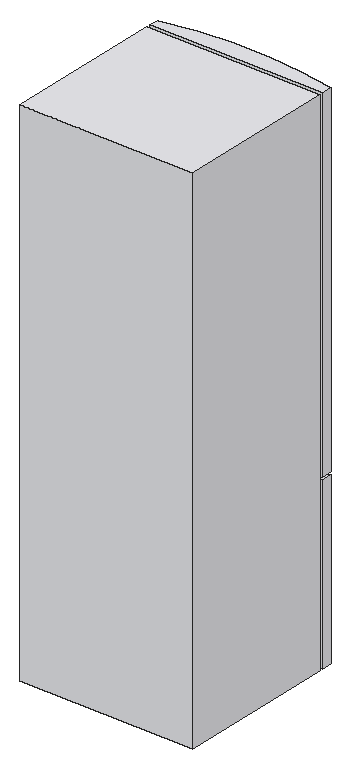
Revit family "Холодильник бытовой средний двухкамерный", category Обобщенные модели, Revit 2012 (continued)
Forms (mm)
  Sweep 63, solid, material "Хром" <- "Ручки", visible <- "Ручки слева", not visible
    profile origin (11.184, -616.006, -125) x (0, 1, 0) y (0, 0, 1)
      loop
        line (2.149, 825) -> (2.149, 835)
        arc (2.149, 835) -> (0.149, 837) -> (-1.851, 835) r 2
        line (-1.851, 835) -> (-1.851, 825)
  Sweep 64, solid, material "Хром" <- "Ручки", visible <- "Ручки слева", not visible
    path origin (300, 0, 65) x (1, 0, 0) y (0, 0, 1)
      loop
        arc (-282.495, 640) -> (-277.545, 642.05) -> (-275.495, 647) r 7
        line (-275.495, 647) -> (-275.495, 813)
        arc (-275.495, 813) -> (-277.545, 817.95) -> (-282.495, 820) r 7
    profile origin (24.505, 0, 795) x (-1, 0, 0) y (0, -1, 0)
      loop
        arc (4.922, 613.857) -> (6.922, 615.857) -> (4.922, 617.857) r 2
        line (4.922, 617.857) -> (-5.078, 617.857)
        arc (-5.078, 617.857) -> (-7.078, 615.857) -> (-5.078, 613.857) r 2
        line (-5.078, 613.857) -> (4.922, 613.857)
  Extrusion 65, solid, material "Хром" <- "Ручки", visible <- "Ручки слева", not visible
    sketch origin (300, 0, -255) x (1, 0, 0) y (0, 0, 1)
      loop
        line (-300, 635) -> (-300, 645)
        arc (-300, 645) -> (-302, 647) -> (-304, 645) r 2
        line (-304, 645) -> (-304, 635)
        arc (-304, 635) -> (-302, 633) -> (-300, 635) r 2
      loop
        line (-300, 815) -> (-300, 825)
        arc (-300, 825) -> (-302, 827) -> (-304, 825) r 2
        line (-304, 825) -> (-304, 815)
        arc (-304, 815) -> (-302, 813) -> (-300, 815) r 2
    from 560 to 608.948
  Sweep 66, solid, material "Хром" <- "Ручки", visible <- "Ручки слева", not visible
    path origin (299.863, -0.078, -315) x (1, 0, 0) y (0, 1, 0)
      loop
        arc (-302, -608.855) -> (-299.976, -613.852) -> (-295, -615.928) r 7
        line (-295, -615.928) -> (-282.358, -615.928)
    profile origin (11.184, -616.006, -315) x (0, 1, 0) y (0, 0, 1)
      loop
        arc (-1.851, 875) -> (0.149, 873) -> (2.149, 875) r 2
        line (2.149, 875) -> (2.149, 885)
        arc (2.149, 885) -> (0.149, 887) -> (-1.851, 885) r 2
        line (-1.851, 885) -> (-1.851, 875)
  Sweep 67, solid, material "Хром" <- "Ручки", visible <- "Ручки слева", not visible
    path origin (299.863, -0.078, -445) x (1, 0, 0) y (0, 1, 0)
      loop
        arc (-302, -608.855) -> (-299.976, -613.852) -> (-295, -615.928) r 7
        line (-295, -615.928) -> (-282.358, -615.928)
    profile origin (11.184, -616.006, -445) x (0, 1, 0) y (0, 0, 1)
      loop
        arc (-1.851, 825) -> (0.149, 823) -> (2.149, 825) r 2
        line (2.149, 825) -> (2.149, 835)
        arc (2.149, 835) -> (0.149, 837) -> (-1.851, 835) r 2
        line (-1.851, 835) -> (-1.851, 825)
  Sweep 68, solid, material "Хром" <- "Ручки", visible <- "Ручки слева", not visible
    path origin (300, 0, -255) x (1, 0, 0) y (0, 0, 1)
      loop
        arc (-282.495, 640) -> (-277.545, 642.05) -> (-275.495, 647) r 7
        line (-275.495, 647) -> (-275.495, 813)
        arc (-275.495, 813) -> (-277.545, 817.95) -> (-282.495, 820) r 7
    profile origin (24.505, 0, 475) x (-1, 0, 0) y (0, -1, 0)
      loop
        arc (4.922, 613.857) -> (6.922, 615.857) -> (4.922, 617.857) r 2
        line (4.922, 617.857) -> (-5.078, 617.857)
        arc (-5.078, 617.857) -> (-7.078, 615.857) -> (-5.078, 613.857) r 2
        line (-5.078, 613.857) -> (4.922, 613.857)
  Extrusion 69, void
    sketch origin (-300, 0, 2.812) x (-1, 0, 0) y (0, -1, 0)
      loop
        line (-285, -550) -> (-285, -577.742) -> (285, -577.742) -> (285, -550) -> (-285, -550)
    from 0 to 80
Cuts and joins
  Extrusion 19, Extrusion 20, Extrusion 51, Extrusion 69 cuts Extrusion 18
  Extrusion 51, Extrusion 69 cuts Extrusion 17
Lines and regions (mm)
  model lines, not visible
    curve 1: line (300, -600, -10) -> (300, 0, -10)
    curve 2: line (300, -560, -10) -> (-300, -560, -10)
    curve 3: line (600, -603.865, -10) -> (600, -3.865, -10)
    curve 4: line (600, -563.865, -10) -> (0, -563.865, -10)
Dimensions and locks
  "Высота": Extrusion 17 to plane 2
  locked: cut or joined group of Extrusion 18, Extrusion 19, Extrusion 20, Extrusion 51, Extrusion 69 to Extrusion 51 sketch curve at 10
  "Высота морозилки": plane 4 to plane 2
  aligned and locked: Extrusion 17 to cut or joined group of Extrusion 18, Extrusion 19, Extrusion 20, Extrusion 51, Extrusion 69
  aligned and locked: cut or joined group of Extrusion 18, Extrusion 19, Extrusion 20, Extrusion 51, Extrusion 69 to Extrusion 51 sketch curve
  aligned and locked: Extrusion 51 sketch curve to cut or joined group of Extrusion 18, Extrusion 19, Extrusion 20, Extrusion 51, Extrusion 69
  aligned and locked: Extrusion 51 sketch curve to Extrusion 17
  aligned and locked: cut or joined group of Extrusion 18, Extrusion 19, Extrusion 20, Extrusion 51, Extrusion 69 to cut or joined group of Extrusion 18, Extrusion 19, Extrusion 20, Extrusion 51, Extrusion 69
  aligned and locked: Extrusion 18 to Extrusion 19
  aligned and locked: Extrusion 69 sketch curve to cut or joined group of Extrusion 18, Extrusion 19, Extrusion 20, Extrusion 51, Extrusion 69  (x2)
  aligned and locked: cut or joined group of Extrusion 17, Extrusion 51, Extrusion 69 to Extrusion 69 sketch curve
Automatic sketch dimensions
  Extrusion 20 sketch curve to Extrusion 20 sketch curve = 10 mm
  Extrusion 22 sketch curve to Extrusion 22 sketch curve = 0 mm
  Extrusion 22 sketch curve to Extrusion 22 sketch curve = 2 mm  (x2)
  Extrusion 22 sketch curve to Extrusion 22 sketch curve = 10 mm  (x2)
  Extrusion 22 sketch curve to Extrusion 22 sketch curve = 170 mm
  Sweep 23 sketch curve to Sweep 23 sketch curve = 7 mm
  Sweep 23 sketch curve to Sweep 23 sketch curve = 12.642 mm
  Sweep 23 sketch curve to Sweep 23 sketch curve = 0.074 mm
  profile plane to Sweep 23 sketch curve = 2.149 mm
  profile plane to Sweep 23 sketch curve = 0.149 mm
  profile plane to Sweep 23 sketch curve = 890 mm
  Sweep 23 sketch curve to Sweep 23 sketch curve = 10 mm
  Sweep 24 sketch curve to Sweep 24 sketch curve = 7 mm
  Sweep 24 sketch curve to Sweep 24 sketch curve = 12.642 mm
  Sweep 24 sketch curve to Sweep 24 sketch curve = 0.074 mm
  profile plane to Sweep 24 sketch curve = 2.149 mm
  profile plane to Sweep 24 sketch curve = 0.149 mm
  profile plane to Sweep 24 sketch curve = 825 mm
  Sweep 24 sketch curve to Sweep 24 sketch curve = 10 mm
  Sweep 25 sketch curve to Sweep 25 sketch curve = 0 mm
  Sweep 25 sketch curve to Sweep 25 sketch curve = 7 mm
  Sweep 25 sketch curve to Sweep 25 sketch curve = 166 mm
  profile plane to Sweep 25 sketch curve = 4.922 mm
  Sweep 25 sketch curve to profile plane = 5.078 mm
  profile plane to Sweep 25 sketch curve = 613.857 mm
  Sweep 25 sketch curve to Sweep 25 sketch curve = 2 mm
  Extrusion 26 sketch curve to Extrusion 26 sketch curve = 0 mm
  Extrusion 26 sketch curve to Extrusion 26 sketch curve = 2 mm  (x2)
  Extrusion 26 sketch curve to Extrusion 26 sketch curve = 10 mm  (x2)
  Extrusion 26 sketch curve to Extrusion 26 sketch curve = 170 mm
  Sweep 27 sketch curve to Sweep 27 sketch curve = 7 mm
  Sweep 27 sketch curve to Sweep 27 sketch curve = 12.642 mm
  Sweep 27 sketch curve to Sweep 27 sketch curve = 0.074 mm
  profile plane to Sweep 27 sketch curve = 2.149 mm
  profile plane to Sweep 27 sketch curve = 0.149 mm
  profile plane to Sweep 27 sketch curve = 875 mm
  Sweep 27 sketch curve to Sweep 27 sketch curve = 10 mm
  Sweep 28 sketch curve to Sweep 28 sketch curve = 7 mm
  Sweep 28 sketch curve to Sweep 28 sketch curve = 12.642 mm
  Sweep 28 sketch curve to Sweep 28 sketch curve = 0.074 mm
  profile plane to Sweep 28 sketch curve = 2.149 mm
  profile plane to Sweep 28 sketch curve = 0.149 mm
  profile plane to Sweep 28 sketch curve = 825 mm
  Sweep 28 sketch curve to Sweep 28 sketch curve = 10 mm
  Sweep 29 sketch curve to Sweep 29 sketch curve = 0 mm
  Sweep 29 sketch curve to Sweep 29 sketch curve = 7 mm
  Sweep 29 sketch curve to Sweep 29 sketch curve = 166 mm
  profile plane to Sweep 29 sketch curve = 4.922 mm
  Sweep 29 sketch curve to profile plane = 5.078 mm
  profile plane to Sweep 29 sketch curve = 613.857 mm
  Sweep 29 sketch curve to Sweep 29 sketch curve = 2 mm
  Extrusion 43 sketch curve to Extrusion 43 sketch curve = 2 mm  (x2)
  Extrusion 43 sketch curve to Extrusion 43 sketch curve = 10 mm  (x2)
  Extrusion 43 sketch curve to Extrusion 43 sketch curve = 170 mm
  Sweep 44 sketch curve to Sweep 44 sketch curve = 12.642 mm
  Sweep 44 sketch curve to Sweep 44 sketch curve = 7 mm  (x2)
  profile plane to Sweep 44 sketch curve = 1.851 mm
  Sweep 44 sketch curve to profile plane = 0.149 mm
  profile plane to Sweep 44 sketch curve = 890 mm
  Sweep 44 sketch curve to Sweep 44 sketch curve = 10 mm
  Sweep 45 sketch curve to Sweep 45 sketch curve = 12.642 mm
  Sweep 45 sketch curve to Sweep 45 sketch curve = 7 mm  (x2)
  profile plane to Sweep 45 sketch curve = 1.851 mm
  Sweep 45 sketch curve to profile plane = 0.149 mm
  profile plane to Sweep 45 sketch curve = 825 mm
  Sweep 45 sketch curve to Sweep 45 sketch curve = 10 mm
  Sweep 46 sketch curve to Sweep 46 sketch curve = 7 mm
  Sweep 46 sketch curve to Sweep 46 sketch curve = 166 mm
  profile plane to Sweep 46 sketch curve = 5.078 mm
  Sweep 46 sketch curve to profile plane = 4.922 mm
  profile plane to Sweep 46 sketch curve = 613.857 mm
  Sweep 46 sketch curve to Sweep 46 sketch curve = 2 mm
  Extrusion 47 sketch curve to Extrusion 47 sketch curve = 2 mm  (x2)
  Extrusion 47 sketch curve to Extrusion 47 sketch curve = 10 mm  (x2)
  Extrusion 47 sketch curve to Extrusion 47 sketch curve = 170 mm
  Sweep 48 sketch curve to Sweep 48 sketch curve = 12.642 mm
  Sweep 48 sketch curve to Sweep 48 sketch curve = 7 mm  (x2)
  profile plane to Sweep 48 sketch curve = 1.851 mm
  Sweep 48 sketch curve to profile plane = 0.149 mm
  profile plane to Sweep 48 sketch curve = 875 mm
  Sweep 48 sketch curve to Sweep 48 sketch curve = 10 mm
  Sweep 49 sketch curve to Sweep 49 sketch curve = 12.642 mm
  Sweep 49 sketch curve to Sweep 49 sketch curve = 7 mm  (x2)
  profile plane to Sweep 49 sketch curve = 1.851 mm
  Sweep 49 sketch curve to profile plane = 0.149 mm
  profile plane to Sweep 49 sketch curve = 825 mm
  Sweep 49 sketch curve to Sweep 49 sketch curve = 10 mm
  Sweep 50 sketch curve to Sweep 50 sketch curve = 7 mm
  Sweep 50 sketch curve to Sweep 50 sketch curve = 166 mm
  profile plane to Sweep 50 sketch curve = 5.078 mm
  Sweep 50 sketch curve to profile plane = 4.922 mm
  profile plane to Sweep 50 sketch curve = 613.857 mm
  Sweep 50 sketch curve to Sweep 50 sketch curve = 2 mm
  Extrusion 20 sketch curve to Extrusion 20 sketch curve = 600 mm
  Extrusion 43 sketch curve to Extrusion 43 sketch curve = 0 mm
  Sweep 46 sketch curve to Sweep 46 sketch curve = 0 mm
  Extrusion 47 sketch curve to Extrusion 47 sketch curve = 0 mm
  Sweep 50 sketch curve to Sweep 50 sketch curve = 0 mm
  Extrusion 52 sketch curve to Extrusion 52 sketch curve = 10 mm
  Extrusion 53 sketch curve to Extrusion 53 sketch curve = 0 mm
  Extrusion 53 sketch curve to Extrusion 53 sketch curve = 2 mm  (x2)
  Extrusion 53 sketch curve to Extrusion 53 sketch curve = 10 mm  (x2)
  Extrusion 53 sketch curve to Extrusion 53 sketch curve = 170 mm
  Sweep 54 sketch curve to Sweep 54 sketch curve = 7 mm
  Sweep 54 sketch curve to Sweep 54 sketch curve = 12.642 mm
  Sweep 54 sketch curve to Sweep 54 sketch curve = 0.074 mm
  profile plane to Sweep 54 sketch curve = 2.149 mm
  profile plane to Sweep 54 sketch curve = 0.149 mm
  profile plane to Sweep 54 sketch curve = 890 mm
  Sweep 54 sketch curve to Sweep 54 sketch curve = 10 mm
  Sweep 55 sketch curve to Sweep 55 sketch curve = 7 mm
  Sweep 55 sketch curve to Sweep 55 sketch curve = 12.642 mm
  Sweep 55 sketch curve to Sweep 55 sketch curve = 0.074 mm
  profile plane to Sweep 55 sketch curve = 2.149 mm
  profile plane to Sweep 55 sketch curve = 0.149 mm
  profile plane to Sweep 55 sketch curve = 825 mm
  Sweep 55 sketch curve to Sweep 55 sketch curve = 10 mm
  Sweep 56 sketch curve to Sweep 56 sketch curve = 0 mm
  Sweep 56 sketch curve to Sweep 56 sketch curve = 7 mm
  Sweep 56 sketch curve to Sweep 56 sketch curve = 166 mm
  profile plane to Sweep 56 sketch curve = 4.922 mm
  Sweep 56 sketch curve to profile plane = 5.078 mm
  profile plane to Sweep 56 sketch curve = 613.857 mm
  Sweep 56 sketch curve to Sweep 56 sketch curve = 2 mm
  Extrusion 57 sketch curve to Extrusion 57 sketch curve = 0 mm
  Extrusion 57 sketch curve to Extrusion 57 sketch curve = 2 mm  (x2)
  Extrusion 57 sketch curve to Extrusion 57 sketch curve = 10 mm  (x2)
  Extrusion 57 sketch curve to Extrusion 57 sketch curve = 170 mm
  Sweep 58 sketch curve to Sweep 58 sketch curve = 7 mm
  Sweep 58 sketch curve to Sweep 58 sketch curve = 12.642 mm
  Sweep 58 sketch curve to Sweep 58 sketch curve = 0.074 mm
  profile plane to Sweep 58 sketch curve = 2.149 mm
  profile plane to Sweep 58 sketch curve = 0.149 mm
  profile plane to Sweep 58 sketch curve = 875 mm
  Sweep 58 sketch curve to Sweep 58 sketch curve = 10 mm
  Sweep 59 sketch curve to Sweep 59 sketch curve = 7 mm
  Sweep 59 sketch curve to Sweep 59 sketch curve = 12.642 mm
  Sweep 59 sketch curve to Sweep 59 sketch curve = 0.074 mm
  profile plane to Sweep 59 sketch curve = 2.149 mm
  profile plane to Sweep 59 sketch curve = 0.149 mm
  profile plane to Sweep 59 sketch curve = 825 mm
  Sweep 59 sketch curve to Sweep 59 sketch curve = 10 mm
  Sweep 60 sketch curve to Sweep 60 sketch curve = 0 mm
  Sweep 60 sketch curve to Sweep 60 sketch curve = 7 mm
  Sweep 60 sketch curve to Sweep 60 sketch curve = 166 mm
  profile plane to Sweep 60 sketch curve = 4.922 mm
  Sweep 60 sketch curve to profile plane = 5.078 mm
  profile plane to Sweep 60 sketch curve = 613.857 mm
  Sweep 60 sketch curve to Sweep 60 sketch curve = 2 mm
  Extrusion 61 sketch curve to Extrusion 61 sketch curve = 2 mm  (x2)
  Extrusion 61 sketch curve to Extrusion 61 sketch curve = 10 mm  (x2)
  Extrusion 61 sketch curve to Extrusion 61 sketch curve = 170 mm
  Sweep 62 sketch curve to Sweep 62 sketch curve = 12.642 mm
  Sweep 62 sketch curve to Sweep 62 sketch curve = 7 mm  (x2)
  profile plane to Sweep 62 sketch curve = 1.851 mm
  Sweep 62 sketch curve to profile plane = 0.149 mm
  profile plane to Sweep 62 sketch curve = 890 mm
  Sweep 62 sketch curve to Sweep 62 sketch curve = 10 mm
  Sweep 63 sketch curve to Sweep 63 sketch curve = 12.642 mm
  Sweep 63 sketch curve to Sweep 63 sketch curve = 7 mm  (x2)
  profile plane to Sweep 63 sketch curve = 1.851 mm
  Sweep 63 sketch curve to profile plane = 0.149 mm
  profile plane to Sweep 63 sketch curve = 825 mm
  Sweep 63 sketch curve to Sweep 63 sketch curve = 10 mm
  Sweep 64 sketch curve to Sweep 64 sketch curve = 7 mm
  Sweep 64 sketch curve to Sweep 64 sketch curve = 166 mm
  profile plane to Sweep 64 sketch curve = 5.078 mm
  Sweep 64 sketch curve to profile plane = 4.922 mm
  profile plane to Sweep 64 sketch curve = 613.857 mm
  Sweep 64 sketch curve to Sweep 64 sketch curve = 2 mm
  Extrusion 65 sketch curve to Extrusion 65 sketch curve = 2 mm  (x2)
  Extrusion 65 sketch curve to Extrusion 65 sketch curve = 10 mm  (x2)
  Extrusion 65 sketch curve to Extrusion 65 sketch curve = 170 mm
  Sweep 66 sketch curve to Sweep 66 sketch curve = 12.642 mm
  Sweep 66 sketch curve to Sweep 66 sketch curve = 7 mm  (x2)
  profile plane to Sweep 66 sketch curve = 1.851 mm
  Sweep 66 sketch curve to profile plane = 0.149 mm
  profile plane to Sweep 66 sketch curve = 875 mm
  Sweep 66 sketch curve to Sweep 66 sketch curve = 10 mm
  Sweep 67 sketch curve to Sweep 67 sketch curve = 12.642 mm
  Sweep 67 sketch curve to Sweep 67 sketch curve = 7 mm  (x2)
  profile plane to Sweep 67 sketch curve = 1.851 mm
  Sweep 67 sketch curve to profile plane = 0.149 mm
  profile plane to Sweep 67 sketch curve = 825 mm
  Sweep 67 sketch curve to Sweep 67 sketch curve = 10 mm
  Sweep 68 sketch curve to Sweep 68 sketch curve = 7 mm
  Sweep 68 sketch curve to Sweep 68 sketch curve = 166 mm
  profile plane to Sweep 68 sketch curve = 5.078 mm
  Sweep 68 sketch curve to profile plane = 4.922 mm
  profile plane to Sweep 68 sketch curve = 613.857 mm
  Sweep 68 sketch curve to Sweep 68 sketch curve = 2 mm
  Extrusion 52 sketch curve to Extrusion 52 sketch curve = 600 mm
  Extrusion 61 sketch curve to Extrusion 61 sketch curve = 0 mm
  Sweep 64 sketch curve to Sweep 64 sketch curve = 0 mm
  Extrusion 65 sketch curve to Extrusion 65 sketch curve = 0 mm
  Sweep 68 sketch curve to Sweep 68 sketch curve = 0 mm
  plane 1 "Center (Front/Back)" to Extrusion 17 sketch curve = 0 mm
  Extrusion 17 sketch curve to plane 3 "Center (Left/Right)" = 0 mm
  Extrusion 17 sketch curve to plane 3 "Center (Left/Right)" = 600 mm
  Extrusion 17 sketch curve to plane 1 "Center (Front/Back)" = 550 mm
  Extrusion 18 sketch curve to plane 3 "Center (Left/Right)" = 0 mm
  Extrusion 18 sketch curve to plane 3 "Center (Left/Right)" = 15 mm
  Extrusion 18 sketch curve to Extrusion 18 sketch curve = 570 mm
  Extrusion 18 sketch curve to Extrusion 18 sketch curve = 15 mm
  Extrusion 18 sketch curve to plane 1 "Center (Front/Back)" = 595 mm
  Extrusion 18 sketch curve to Extrusion 18 sketch curve = 35 mm  (x2)
  Extrusion 18 sketch curve to Extrusion 18 sketch curve = 10 mm
  Extrusion 19 sketch curve to plane 3 "Center (Left/Right)" = 34.153 mm
  Extrusion 19 sketch curve to Extrusion 19 sketch curve = 0 mm  (x37)
  Extrusion 19 sketch curve to Extrusion 19 sketch curve = 35 mm  (x10)
  Extrusion 19 sketch curve to Extrusion 19 sketch curve = 20 mm  (x18)
  level to Extrusion 19 sketch curve = 25.864 mm  (x4)
  Extrusion 19 sketch curve to Extrusion 19 sketch curve = 3 mm  (x30)
  Extrusion 19 sketch curve to Extrusion 19 sketch curve = 9 mm  (x20)
  Extrusion 21 sketch curve to plane 3 "Center (Left/Right)" = 37.145 mm  (x2)
  Extrusion 21 sketch curve to Extrusion 21 sketch curve = 525.71 mm
  Extrusion 21 sketch curve to plane 1 "Center (Front/Back)" = 35.133 mm  (x2)
  Extrusion 21 sketch curve to Extrusion 21 sketch curve = 0 mm
  Extrusion 21 sketch curve to Extrusion 21 sketch curve = 480 mm
  Extrusion 21 sketch curve to plane 1 "Center (Front/Back)" = 515.133 mm
  Extrusion 18 to Extrusion 69 sketch curve = 17.742 mm
  radius of Extrusion 21 sketch curve = 15 mm  (x4)
Types (2, lengths in mm): name | Ручки справа | Ручки слева | Панели | Высота морозилки | Высота
  Ручки слева H 2000мм | no | yes | Нержавеющая сталь | 700 | 2000
  Ручки справа H 1800 | yes | no | Акрил | 600 | 1800
